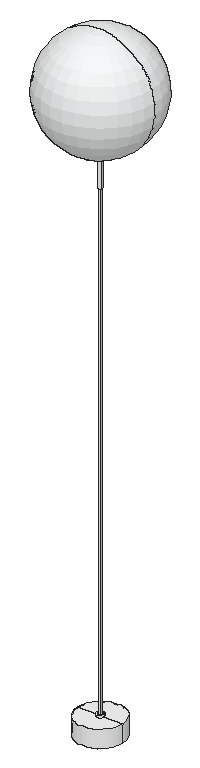
Revit family "56590.1_HOST_FACE", category Lighting Fixtures, host Face, Revit 2015 (continued)
Types (5): name | Wattage | built-in parameter 1150134 | Photometric Web File | built-in parameter 1150142 | Model | built-in parameter 1150105 | Lumens | Lamp | built-in parameter 1150107 | built-in parameter 1150106 | Description | Default Elevation
    6 36.07 36.11 36.12 36.05 35.98 35.91 35.84 35.71 35.54 35.27 34.98 34.63 34.28 33.90 33.52 33.12 32.00\r\n0.99 1.08 1.17 1.26 1.35 1.44 1.53 1.62 1.71 1.82 1.93 2.17 2.42 2.85 3.29 3.83 4.38 5.04 5.82 6.67 7.52 8.43 9.34 10.27 11.18 12.14 13.08 14.05 15.00 15.97 16.92 17.88 18.85 19.82 20.82 21.72 22.63 23.49 24.33 25.14 25.93 26.72 27.49 28.19 28.87 29.50 \r\n30.11 30.67 31.22 31.73 32.22 32.63 33.01 33.31 33.60 33.84 34.12 34.35 34.56 34.70 34.81 34.85 34.87 34.81 34.75 34.57 34.38 34.13 33.88 33.60 33.32 33.02 32.00\r\n0.99 1.05 1.11 1.17 1.23 1.29 1.35 1.41 1.47 1.55 1.62 1.84 2.07 2.46 2.86 3.36 3.87 4.44 5.01 5.65 6.30 7.03 7.76 8.52 9.31 10.09 10.93 11.75 12.62 13.46 14.34 15.20 16.13 17.03 17.96 18.82 19.68 20.53 21.39 22.22 23.05 23.85 24.69 25.43 26.16 26.85 \r\n27.54 28.19 28.82 29.44 30.05 30.56 31.06 31.50 31.92 32.31 32.68 32.98 33.27 33.48 33.67 33.78 33.89 33.92 33.95 33.87 33.78 33.63 33.47 33.30 33.12 32.91 32.00\r\n0.99 1.02 1.05 1.08 1.11 1.14 1.17 1.20 1.23 1.27 1.32 1.51 1.70 2.05 2.42 2.88 3.35 3.87 4.40 4.99 5.59 6.25 6.93 7.65 8.38 9.12 9.88 10.66 11.45 12.27 13.10 13.91 14.74 15.60 16.46 17.30 18.15 18.95 19.76 20.54 21.33 22.12 22.91 23.65 24.39 25.09 25.78 \r\n26.43 27.07 27.70 28.32 28.86 29.40 29.89 30.37 30.81 31.25 31.62 31.98 32.26 32.53 32.72 32.91 33.03 33.15 33.16 33.17 33.12 33.07 32.99 32.91 32.81 32.00\r\n0.99 0.99 0.99 0.99 0.99 0.99 0.99 0.99 0.99 1.00 1.01 1.17 1.33 1.65 1.96 2.39 2.81 3.29 3.77 4.32 4.86 5.47 6.07 6.76 7.44 8.13 8.82 9.55 10.28 11.07 11.85 12.62 13.39 14.18 14.97 15.79 16.61 17.38 18.14 18.90 19.66 20.40 21.13 21.88 22.63 23.33 24.03 \r\n24.69 25.34 25.97 26.60 27.18 27.76 28.29 28.82 29.33 29.83 30.27 30.70 31.05 31.39 31.67 31.94 32.15 32.35 32.46 32.57 32.62 32.66 32.69 32.71 32.71 32.00\r\n0.99 0.99 0.99 0.99 0.99 0.99 0.99 0.99 0.99 1.00 1.01 1.16 1.31 1.62 1.94 2.35 2.77 3.25 3.73 4.26 4.80 5.39 5.99 6.64 7.30 7.97 8.65 9.36 10.07 10.82 11.57 12.32 13.08 13.87 14.66 15.46 16.27 17.02 17.77 18.51 19.26 19.98 20.70 21.44 22.18 22.87 23.56 \r\n24.23 24.90 25.52 26.15 26.72 27.30 27.84 28.37 28.88 29.38 29.83 30.28 30.64 31.01 31.31 31.61 31.85 32.08 32.22 32.36 32.44 32.52 32.58 32.64 32.67 32.00\r\n0.99 0.99 0.99 0.99 0.99 0.99 0.99 0.99 1.00 1.00 1.01 1.15 1.30 1.59 1.90 2.31 2.72 3.19 3.68 4.20 4.72 5.30 5.88 6.51 7.15 7.79 8.48 9.15 9.87 10.56 11.29 12.02 12.78 13.55 14.34 15.13 15.93 16.66 17.40 18.13 18.86 19.57 20.29 21.01 21.74 22.42 23.11 \r\n23.79 24.46 25.08 25.71 26.28 26.86 27.39 27.94 28.44 28.95 29.40 29.86 30.25 30.64 30.96 31.29 31.55 31.81 31.98 32.15 32.26 32.38 32.47 32.57 32.64 32.00\r\n0.99 0.99 0.99 0.99 1.00 0.99 0.99 0.99 1.00 1.01 1.01 1.13 1.27 1.56 1.86 2.26 2.66 3.13 3.61 4.12 4.63 5.19 5.75 6.36 6.97 7.64 8.32 9.00 9.68 10.40 11.12 11.86 12.63 13.37 14.15 14.90 15.68 16.42 17.17 17.89 18.62 19.32 20.02 20.74 21.46 22.13 22.80 \r\n23.46 24.12 24.73 25.34 25.91 26.47 27.00 27.53 28.03 28.52 28.99 29.45 29.86 30.27 30.62 30.97 31.26 31.54 31.74 31.94 32.09 32.23 32.37 32.50 32.60 32.00\r\n0.99 0.99 0.99 1.00 1.00 0.99 0.99 1.00 1.00 1.01 1.01 1.12 1.24 1.52 1.82 2.20 2.60 3.05 3.52 4.01 4.51 5.05 5.60 6.20 6.80 7.48 8.18 8.85 9.51 10.24 10.97 11.70 12.44 13.18 13.95 14.67 15.42 16.18 16.95 17.67 18.39 19.08 19.78 20.49 21.20 21.87 22.53 \r\n23.17 23.82 24.43 25.04 25.61 26.17 26.72 27.25 27.75 28.24 28.68 29.12 29.52 29.91 30.29 30.66 30.97 31.27 31.51 31.74 31.92 32.09 32.26 32.43 32.57 32.00\r\n0.99 0.99 0.99 1.00 1.00 1.00 0.99 1.00 1.01 1.01 1.01 1.11 1.23 1.49 1.79 2.15 2.54 2.97 3.42 3.89 4.38 4.90 5.44 6.04 6.65 7.32 8.01 8.68 9.34 10.05 10.77 11.49 12.22 12.97 13.73 14.49 15.25 15.99 16.73 17.45 18.17 18.87 19.56 20.27 20.98 21.64 22.29 \r\n22.93 23.56 24.17 24.76 25.33 25.89 26.44 26.98 27.49 27.98 28.43 28.87 29.28 29.68 30.03 30.37 30.68 31.01 31.27 31.53 31.74 31.96 32.16 32.36 32.53 32.00\r\n0.99 0.99 1.00 1.00 1.00 1.00 0.99 1.00 1.01 1.01 1.01 1.10 1.23 1.46 1.74 2.09 2.47 2.88 3.31 3.78 4.27 4.80 5.35 5.93 6.53 7.16 7.82 8.48 9.16 9.85 10.56 11.27 11.99 12.75 13.52 14.30 15.08 15.80 16.52 17.24 17.96 18.66 19.36 20.07 20.76 21.43 22.09 \r\n22.72 23.35 23.96 24.55 25.13 25.69 26.22 26.74 27.25 27.73 28.18 28.63 29.05 29.45 29.82 30.17 30.47 30.78 31.05 31.33 31.57 31.82 32.05 32.29 32.50 32.00\r\n0.99 0.99 1.00 1.00 1.00 1.00 0.99 1.00 1.01 1.02 1.02 1.09 1.21 1.42 1.70 2.02 2.39 2.79 3.21 3.67 4.17 4.69 5.24 5.81 6.39 6.99 7.62 8.28 8.95 9.64 10.33 11.04 11.75 12.51 13.28 14.05 14.82 15.53 16.25 16.99 17.72 18.43 19.14 19.84 20.53 21.21 21.87 \r\n22.52 23.16 23.76 24.36 24.95 25.51 26.04 26.56 27.06 27.53 27.97 28.39 28.83 29.23 29.61 29.96 30.28 30.58 30.84 31.13 31.41 31.68 31.95 32.22 32.46 32.00\r\n0.99 0.99 1.00 1.00 1.00 1.00 0.99 1.00 1.02 1.02 1.02 1.07 1.20 1.38 1.65 1.95 2.31 2.69 3.11 3.55 4.05 4.56 5.09 5.63 6.20 6.80 7.42 8.07 8.73 9.40 10.09 10.79 11.51 12.27 13.04 13.80 14.55 15.26 15.98 16.73 17.47 18.20 18.91 19.61 20.29 20.97 21.63 \r\n22.29 22.92 23.55 24.16 24.77 25.34 25.87 26.39 26.89 27.36 27.81 28.23 28.64 29.02 29.41 29.77 30.10 30.41 30.68 30.96 31.24 31.55 31.85 32.15 32.43 32.00\r\n0.99 0.99 1.00 1.00 1.01 1.00 1.00 1.00 1.02 1.03 1.02 1.06 1.18 1.33 1.60 1.88 2.23 2.58 2.99 3.40 3.89 4.37 4.90 5.44 6.01 6.59 7.20 7.83 8.47 9.13 9.81 10.51 11.21 11.95 12.70 13.44 14.18 14.90 15.62 16.35 17.08 17.81 18.54 19.27 19.98 20.68 21.38 \r\n22.07 22.72 23.36 23.96 24.56 25.12 25.68 26.20 26.73 27.19 27.65 28.07 28.49 28.86 29.22 29.57 29.93 30.24 30.53 30.81 31.08 31.42 31.75 32.08 32.40 32.00\r\n0.99 1.00 1.00 1.00 1.01 1.01 1.00 1.01 1.02 1.03 1.03 1.04 1.16 1.27 1.54 1.81 2.14 2.48 2.87 3.26 3.72 4.18 4.70 5.22 5.76 6.31 6.92 7.53 8.16 8.81 9.50 10.20 10.90 11.62 12.35 13.08 13.81 14.53 15.25 15.96 16.67 17.38 18.12 18.86 19.57 20.27 20.97 \r\n21.69 22.37 23.07 23.73 24.36 24.92 25.48 26.00 26.53 27.02 27.51 27.92 28.35 28.71 29.08 29.40 29.76 30.07 30.38 30.67 30.94 31.29 31.65 32.02 32.36 32.00\r\n0.99 1.00 1.00 1.00 1.01 1.01 1.01 1.01 1.03 1.04 1.04 1.04 1.14 1.24 1.47 1.74 2.04 2.37 2.74 3.12 3.55 3.99 4.48 4.97 5.49 6.02 6.62 7.22 7.83 8.46 9.12 9.79 10.46 11.16 11.87 12.60 13.34 14.04 14.76 15.46 16.18 16.89 17.64 18.41 19.13 19.86 20.58 21.29\r\n 21.97 22.66 23.33 24.00 24.65 25.28 25.81 26.33 26.83 27.31 27.77 28.20 28.58 28.95 29.27 29.60 29.91 30.24 30.54 30.83 31.16 31.56 31.95 32.33 32.00\r\n0.99 1.00 1.00 1.00 1.01 1.01 1.01 1.01 1.03 1.05 1.05 1.05 1.12 1.22 1.40 1.66 1.94 2.26 2.60 2.97 3.37 3.80 4.25 4.72 5.22 5.74 6.30 6.87 7.46 8.06 8.70 9.34 10.00 10.68 11.39 12.12 12.86 13.55 14.26 14.96 15.67 16.38 17.13 17.90 18.61 19.35 20.09 20.83\r\n 21.55 22.26 22.93 23.60 24.26 24.91 25.56 26.14 26.65 27.13 27.59 28.04 28.44 28.81 29.15 29.48 29.75 30.09 30.41 30.73 31.04 31.47 31.89 32.30 32.00\r\n0.99 1.00 1.00 1.01 1.01 1.02 1.02 1.02 1.03 1.05 1.05 1.06 1.10 1.20 1.33 1.58 1.83 2.14 2.45 2.81 3.18 3.60 4.02 4.48 4.95 5.46 5.99 6.53 7.08 7.66 8.26 8.88 9.52 10.17 10.85 11.54 12.26 12.95 13.66 14.36 15.07 15.80 16.56 17.34 18.09 18.85 19.60 20.34 \r\n21.07 21.78 22.50 23.20 23.89 24.55 25.22 25.83 26.45 26.95 27.43 27.86 28.30 28.69 29.03 29.35 29.63 29.95 30.29 30.62 30.95 31.38 31.83 32.27 32.00\r\n0.99 1.00 1.00 1.01 1.01 1.02 1.02 1.02 1.04 1.05 1.06 1.07 1.08 1.18 1.27 1.50 1.73 2.01 2.30 2.65 3.00 3.39 3.79 4.23 4.67 5.15 5.63 6.14 6.67 7.22 7.81 8.42 9.04 9.66 10.31 10.97 11.65 12.36 13.06 13.76 14.46 15.18 15.94 16.70 17.46 18.23 19.03 19.81 \r\n20.59 21.31 22.03 22.75 23.48 24.21 24.88 25.51 26.14 26.74 27.26 27.69 28.14 28.55 28.92 29.23 29.52 29.81 30.17 30.52 30.87 31.29 31.77 32.24 32.00\r\n0.99 1.00 1.00 1.01 1.02 1.03 1.03 1.03 1.04 1.06 1.07 1.07 1.08 1.15 1.25 1.42 1.63 1.88 2.16 2.46 2.81 3.17 3.56 3.95 4.35 4.79 5.23 5.73 6.25 6.78 7.34 7.91 8.50 9.09 9.73 10.39 11.07 11.75 12.43 13.12 13.82 14.54 15.30 16.06 16.84 17.59 18.38 19.17 \r\n19.97 20.78 21.58 22.31 23.04 23.79 24.52 25.20 25.82 26.44 27.04 27.53 27.97 28.39 28.82 29.12 29.42 29.71 30.05 30.42 30.79 31.21 31.71 32.21 32.00\r\n0.99 1.00 1.00 1.01 1.02 1.03 1.03 1.03 1.04 1.06 1.08 1.08 1.09 1.13 1.22 1.33 1.54 1.74 2.01 2.28 2.61 2.94 3.29 3.65 4.03 4.42 4.86 5.32 5.81 6.32 6.84 7.38 7.94 8.51 9.15 9.81 10.49 11.13 11.80 12.48 13.18 13.90 14.66 15.40 16.17 16.95 17.74 18.55 \r\n19.35 20.18 20.99 21.84 22.62 23.37 24.10 24.86 25.52 26.15 26.75 27.35 27.81 28.24 28.67 29.00 29.32 29.61 29.94 30.33 30.71 31.12 31.66 32.18 32.00\r\n0.99 1.00 1.01 1.01 1.02 1.03 1.04 1.04 1.05 1.06 1.08 1.09 1.10 1.11 1.20 1.28 1.45 1.62 1.85 2.11 2.40 2.70 3.02 3.36 3.72 4.09 4.50 4.92 5.38 5.85 6.33 6.84 7.37 7.92 8.53 9.16 9.81 10.44 11.10 11.78 12.49 13.22 13.99 14.74 15.51 16.31 17.10 17.91 \r\n18.74 19.58 20.41 21.26 22.10 22.95 23.69 24.44 25.17 25.86 26.47 27.09 27.65 28.09 28.51 28.90 29.22 29.52 29.84 30.23 30.64 31.06 31.60 32.16 32.00\r\n0.99 1.00 1.01 1.01 1.02 1.03 1.04 1.05 1.05 1.07 1.09 1.10 1.11 1.12 1.19 1.26 1.36 1.52 1.68 1.95 2.19 2.48 2.75 3.08 3.42 3.77 4.15 4.52 4.94 5.37 5.82 6.30 6.80 7.33 7.91 8.51 9.12 9.74 10.40 11.08 11.78 12.50 13.25 14.01 14.81 15.64 16.46 17.29 18.13\r\n 18.97 19.84 20.70 21.57 22.42 23.30 24.04 24.80 25.54 26.21 26.83 27.43 27.95 28.36 28.76 29.12 29.43 29.76 30.15 30.57 31.00 31.55 32.13 32.00\r\n0.99 1.00 1.01 1.01 1.02 1.04 1.05 1.05 1.06 1.07 1.09 1.11 1.12 1.13 1.17 1.23 1.29 1.42 1.58 1.79 2.02 2.26 2.52 2.81 3.12 3.44 3.77 4.11 4.49 4.90 5.32 5.76 6.24 6.75 7.29 7.87 8.46 9.06 9.69 10.35 11.04 11.77 12.52 13.30 14.09 14.92 15.77 16.64 17.53 \r\n18.37 19.25 20.14 21.03 21.91 22.79 23.66 24.43 25.18 25.97 26.57 27.19 27.80 28.21 28.63 29.02 29.35 29.68 30.06 30.50 30.95 31.50 32.11 32.00\r\n0.99 1.00 1.01 1.01 1.03 1.04 1.05 1.06 1.07 1.08 1.10 1.12 1.13 1.14 1.16 1.21 1.26 1.33 1.49 1.65 1.86 2.06 2.30 2.54 2.82 3.10 3.40 3.72 4.04 4.43 4.82 5.23 5.69 6.17 6.68 7.22 7.79 8.37 8.98 9.61 10.29 11.02 11.76 12.54 13.36 14.23 15.08 15.95 16.85 \r\n17.78 18.66 19.58 20.48 21.42 22.30 23.21 24.07 24.84 25.62 26.32 26.96 27.57 28.07 28.51 28.92 29.27 29.61 29.98 30.43 30.90 31.45 32.08 32.00\r\n0.99 1.00 1.01 1.02 1.03 1.04 1.05 1.06 1.07 1.09 1.11 1.12 1.13 1.15 1.17 1.18 1.24 1.28 1.39 1.54 1.70 1.89 2.09 2.30 2.53 2.76 3.04 3.32 3.62 3.97 4.33 4.70 5.12 5.55 6.02 6.54 7.09 7.64 8.23 8.85 9.52 10.27 11.02 11.79 12.61 13.48 14.35 15.26 16.17 \r\n17.11 18.07 19.01 19.95 20.89 21.82 22.75 23.67 24.52 25.29 26.07 26.73 27.35 27.95 28.38 28.81 29.19 29.54 29.90 30.37 30.85 31.41 32.06 32.00\r\n0.99 1.00 1.01 1.02 1.03 1.04 1.05 1.06 1.08 1.09 1.11 1.13 1.14 1.15 1.17 1.19 1.22 1.26 1.30 1.43 1.56 1.72 1.88 2.07 2.26 2.48 2.70 2.94 3.22 3.52 3.84 4.17 4.54 4.93 5.36 5.85 6.38 6.91 7.47 8.09 8.75 9.47 10.20 11.00 11.85 12.73 13.63 14.55 15.52 \r\n16.46 17.44 18.44 19.42 20.38 21.36 22.30 23.25 24.18 24.98 25.79 26.50 27.14 27.80 28.26 28.70 29.12 29.48 29.84 30.31 30.80 31.37 32.04 32.00\r\n0.99 1.00 1.01 1.02 1.03 1.04 1.06 1.07 1.08 1.10 1.12 1.14 1.15 1.16 1.18 1.20 1.21 1.25 1.28 1.33 1.46 1.56 1.71 1.84 2.03 2.21 2.40 2.61 2.83 3.09 3.37 3.66 3.98 4.34 4.74 5.19 5.67 6.18 6.72 7.32 7.97 8.66 9.38 10.19 11.05 11.96 12.91 13.86 14.82 \r\n15.83 16.82 17.86 18.89 19.89 20.88 21.88 22.84 23.79 24.68 25.48 26.28 26.94 27.61 28.15 28.60 29.05 29.42 29.79 30.26 30.76 31.33 32.02 32.00\r\n0.99 1.00 1.01 1.02 1.03 1.04 1.06 1.07 1.09 1.10 1.12 1.15 1.16 1.17 1.19 1.20 1.22 1.24 1.27 1.30 1.36 1.46 1.55 1.68 1.82 1.97 2.13 2.29 2.48 2.70 2.93 3.18 3.45 3.78 4.13 4.52 4.96 5.45 5.96 6.54 7.19 7.84 8.55 9.36 10.25 11.20 12.16 13.16 14.16 15.17\r\n 16.22 17.26 18.32 19.40 20.42 21.45 22.44 23.42 24.39 25.20 26.02 26.75 27.43 28.04 28.51 29.00 29.36 29.74 30.21 30.72 31.29 32.00 32.00\r\n0.99 1.00 1.01 1.02 1.03 1.05 1.06 1.07 1.09 1.11 1.13 1.15 1.17 1.18 1.20 1.21 1.23 1.24 1.25 1.28 1.31 1.37 1.45 1.53 1.64 1.76 1.89 2.02 2.16 2.33 2.50 2.71 2.96 3.25 3.56 3.91 4.31 4.75 5.22 5.77 6.38 7.01 7.69 8.49 9.43 10.46 11.41 12.34 13.48 14.55 \r\n15.60 16.68 17.78 18.89 19.98 21.01 22.05 23.06 24.05 24.93 25.78 26.57 27.26 27.95 28.42 28.90 29.31 29.70 30.16 30.68 31.26 31.98 32.00\r\n0.99 1.00 1.01 1.02 1.03 1.05 1.06 1.08 1.09 1.11 1.14 1.16 1.17 1.18 1.20 1.22 1.24 1.25 1.27 1.28 1.31 1.33 1.37 1.42 1.49 1.58 1.68 1.78 1.89 2.01 2.15 2.33 2.52 2.74 3.01 3.31 3.65 4.04 4.47 4.98 5.56 6.18 6.84 7.62 8.60 9.60 10.46 11.45 12.66 13.93 \r\n15.01 16.12 17.25 18.41 19.54 20.60 21.68 22.70 23.72 24.69 25.55 26.40 27.11 27.83 28.34 28.83 29.26 29.66 30.12 30.65 31.22 31.97 32.00\r\n0.99 1.00 1.01 1.02 1.03 1.05 1.06 1.08 1.10 1.12 1.14 1.16 1.18 1.19 1.21 1.24 1.25 1.27 1.28 1.29 1.31 1.33 1.35 1.37 1.40 1.44 1.51 1.58 1.66 1.76 1.85 1.98 2.13 2.29 2.51 2.76 3.06 3.39 3.77 4.22 4.77 5.36 6.04 6.84 7.71 8.61 9.51 10.61 11.90 13.23 \r\n14.44 15.58 16.79 17.91 19.09 20.21 21.29 22.37 23.42 24.45 25.34 26.22 26.97 27.70 28.26 28.76 29.22 29.62 30.08 30.62 31.20 31.95 32.00\r\n0.99 1.00 1.01 1.02 1.03 1.05 1.06 1.08 1.10 1.12 1.14 1.16 1.18 1.19 1.22 1.25 1.26 1.28 1.29 1.30 1.32 1.34 1.35 1.35 1.36 1.37 1.40 1.44 1.49 1.55 1.62 1.70 1.81 1.90 2.05 2.23 2.46 2.74 3.06 3.48 3.98 4.56 5.19 5.95 6.79 7.65 8.66 9.88 11.27 12.58 \r\n13.87 15.07 16.26 17.46 18.66 19.83 20.94 22.07 23.14 24.22 25.15 26.05 26.84 27.58 28.20 28.71 29.18 29.59 30.04 30.59 31.17 31.94 32.00\r\n0.99 1.00 1.02 1.02 1.03 1.05 1.06 1.08 1.10 1.12 1.14 1.16 1.18 1.20 1.23 1.25 1.27 1.28 1.29 1.31 1.33 1.34 1.35 1.35 1.35 1.34 1.35 1.36 1.38 1.40 1.46 1.50 1.54 1.60 1.72 1.85 2.03 2.25 2.49 2.80 3.17 3.74 4.38 5.04 5.87 6.85 7.85 9.19 10.62 11.99 \r\n13.28 14.58 15.80 17.03 18.25 19.48 20.63 21.78 22.88 23.99 24.98 25.90 26.73 27.48 28.14 28.65 29.14 29.56 30.01 30.57 31.15 31.93 32.00\r\n0.99 1.00 1.02 1.02 1.03 1.05 1.06 1.09 1.10 1.12 1.14 1.17 1.19 1.21 1.23 1.26 1.27 1.29 1.30 1.31 1.33 1.35 1.35 1.35 1.34 1.33 1.33 1.33 1.33 1.34 1.36 1.37 1.39 1.41 1.45 1.50 1.59 1.76 1.95 2.23 2.58 2.99 3.55 4.28 5.15 6.18 7.23 8.49 9.95 11.36 \r\n12.72 14.14 15.38 16.64 17.90 19.15 20.35 21.52 22.66 23.79 24.83 25.76 26.63 27.39 28.08 28.61 29.11 29.53 29.98 30.55 31.13 31.92 32.00\r\n0.99 1.00 1.02 1.02 1.03 1.05 1.06 1.09 1.11 1.12 1.14 1.17 1.19 1.22 1.24 1.26 1.27 1.29 1.31 1.32 1.34 1.35 1.35 1.35 1.34 1.33 1.32 1.32 1.33 1.32 1.31 1.32 1.30 1.18 0.92 0.80 0.80 0.95 1.22 1.60 2.00 2.42 2.89 3.67 4.62 5.65 6.75 7.82 9.29 10.71 \r\n12.13 13.63 15.01 16.29 17.58 18.87 20.12 21.30 22.47 23.61 24.70 25.65 26.55 27.32 28.04 28.57 29.08 29.51 29.96 30.53 31.11 31.91 32.00\r\n0.99 1.00 1.02 1.02 1.03 1.05 1.06 1.09 1.11 1.13 1.14 1.17 1.20 1.22 1.24 1.26 1.28 1.30 1.32 1.33 1.34 1.35 1.35 1.35 1.35 1.34 1.33 1.32 1.32 1.33 1.31 1.30 1.07 0.63 0.31 0.09 0.00 0.11 0.41 0.86 1.39 1.94 2.51 3.15 4.18 5.15 6.21 7.39 8.75 10.12 \r\n11.63 13.22 14.68 16.00 17.32 18.64 19.92 21.12 22.31 23.47 24.59 25.55 26.49 27.26 28.00 28.53 29.06 29.49 29.94 30.51 31.09 31.90 32.00\r\n0.99 1.00 1.02 1.02 1.03 1.04 1.06 1.09 1.12 1.13 1.14 1.17 1.20 1.23 1.25 1.26 1.28 1.30 1.32 1.33 1.35 1.35 1.35 1.35 1.34 1.34 1.33 1.33 1.33 1.32 1.31 1.18 0.64 0.15 0.00 0.00 0.00 0.00 0.00 0.20 0.83 1.56 2.24 2.89 3.73 4.71 5.79 7.07 8.43 9.89 11.39\r\n 12.94 14.42 15.78 17.12 18.45 19.76 20.98 22.19 23.36 24.50 25.48 26.43 27.21 27.97 28.51 29.04 29.48 29.92 30.50 31.08 31.90 32.00\r\n0.99 1.00 1.02 1.02 1.02 1.04 1.06 1.09 1.12 1.14 1.15 1.17 1.20 1.23 1.25 1.27 1.28 1.30 1.31 1.33 1.35 1.35 1.35 1.35 1.34 1.33 1.33 1.33 1.32 1.31 1.31 0.90 0.30 0.00 0.00 0.00 0.00 0.00 0.00 0.00 0.41 1.23 2.02 2.71 3.51 4.51 5.57 6.90 8.25 9.75 11.26\r\n 12.78 14.26 15.62 16.99 18.32 19.65 20.88 22.10 23.28 24.44 25.42 26.39 27.17 27.95 28.49 29.03 29.47 29.92 30.50 31.08 31.89 32.00\r\n0.99 1.00 1.02 1.02 1.02 1.04 1.06 1.09 1.13 1.14 1.16 1.17 1.20 1.23 1.26 1.27 1.29 1.31 1.32 1.33 1.34 1.34 1.34 1.35 1.35 1.34 1.33 1.32 1.32 1.32 1.31 0.72 0.08 0.00 0.00 0.00 0.00 0.00 0.00 0.00 0.11 1.01 1.91 2.67 3.45 4.48 5.54 6.84 8.13 9.66 11.19\r\n 12.67 14.16 15.52 16.89 18.23 19.57 20.81 22.05 23.23 24.40 25.39 26.37 27.15 27.93 28.48 29.02 29.47 29.91 30.49 31.07 31.89 32.00\r\n0.99 1.01 1.02 1.02 1.02 1.04 1.06 1.10 1.13 1.15 1.16 1.18 1.19 1.23 1.26 1.28 1.30 1.32 1.33 1.33 1.33 1.33 1.33 1.33 1.33 1.33 1.33 1.33 1.33 1.32 1.
